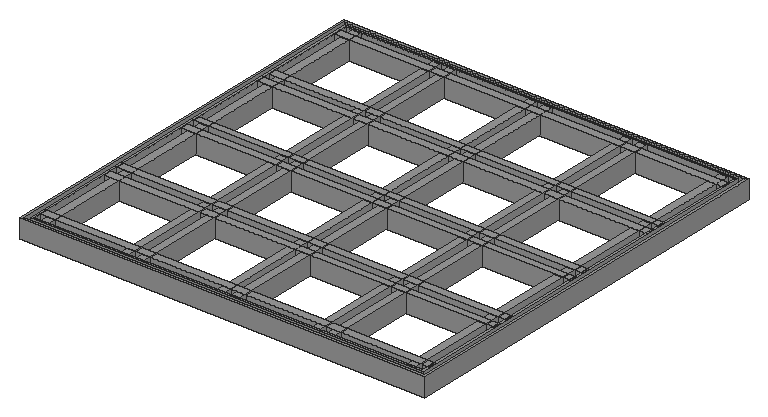
Revit family "CLD-WFD-004_RFA", category Modelos genéricos, Revit 2022 (continued)
Forms (in)
  Extrusion 242, solid
    sketch origin (0, -21.5, 0) x (1, 0, 0) y (0, 1, 0)
      loop
        line (2, 103.99993) -> (2, 101.99993) -> (106, 101.99993) -> (106, 103.99993) -> (2, 103.99993)
    from 0 to 5
  Extrusion 243, solid
    sketch origin (0, -25.5, 0) x (1, 0, 0) y (0, 1, 0)
      loop
        line (2, 103.99993) -> (2, 101.99993) -> (106, 101.99993) -> (106, 103.99993) -> (2, 103.99993)
    from 0 to 5
  Extrusion 244, solid
    sketch origin (0, -47, 0) x (1, 0, 0) y (0, 1, 0)
      loop
        line (2, 103.99993) -> (2, 101.99993) -> (106, 101.99993) -> (106, 103.99993) -> (2, 103.99993)
    from 0 to 5
  Extrusion 245, solid
    sketch origin (0, -51, 0) x (1, 0, 0) y (0, 1, 0)
      loop
        line (2, 103.99993) -> (2, 101.99993) -> (106, 101.99993) -> (106, 103.99993) -> (2, 103.99993)
    from 0 to 5
  Extrusion 246, solid
    sketch origin (0, -72.5, 0) x (1, 0, 0) y (0, 1, 0)
      loop
        line (2, 103.99993) -> (2, 101.99993) -> (106, 101.99993) -> (106, 103.99993) -> (2, 103.99993)
    from 0 to 5
  Extrusion 247, solid
    sketch origin (0, -76.5, 0) x (1, 0, 0) y (0, 1, 0)
      loop
        line (2, 103.99993) -> (2, 101.99993) -> (106, 101.99993) -> (106, 103.99993) -> (2, 103.99993)
    from 0 to 5
  Extrusion 248, solid
    sketch origin (0, -98, 0) x (1, 0, 0) y (0, 1, 0)
      loop
        line (2, 103.99993) -> (2, 101.99993) -> (106, 101.99993) -> (106, 103.99993) -> (2, 103.99993)
    from 0 to 5
  Extrusion 249, solid
    sketch origin (129.49993, 0, 0) x (0, 1, 0) y (-1, 0, 0)
      loop
        line (2, 103.99993) -> (2, 101.99993) -> (106, 101.99993) -> (106, 103.99993) -> (2, 103.99993)
    from 0 to 5
  Extrusion 250, solid
    sketch origin (133.49993, 0, 0) x (0, 1, 0) y (-1, 0, 0)
      loop
        line (2, 103.99993) -> (2, 101.99993) -> (106, 101.99993) -> (106, 103.99993) -> (2, 103.99993)
    from 0 to 5
  Extrusion 251, solid
    sketch origin (154.99993, 0, 0) x (0, 1, 0) y (-1, 0, 0)
      loop
        line (2, 103.99993) -> (2, 101.99993) -> (106, 101.99993) -> (106, 103.99993) -> (2, 103.99993)
    from 0 to 5
  Extrusion 252, solid
    sketch origin (158.99993, 0, 0) x (0, 1, 0) y (-1, 0, 0)
      loop
        line (2, 103.99993) -> (2, 101.99993) -> (106, 101.99993) -> (106, 103.99993) -> (2, 103.99993)
    from 0 to 5
  Extrusion 253, solid
    sketch origin (180.49993, 0, 0) x (0, 1, 0) y (-1, 0, 0)
      loop
        line (2, 103.99993) -> (2, 101.99993) -> (106, 101.99993) -> (106, 103.99993) -> (2, 103.99993)
    from 0 to 5
  Extrusion 254, solid
    sketch origin (184.49993, 0, 0) x (0, 1, 0) y (-1, 0, 0)
      loop
        line (2, 103.99993) -> (2, 101.99993) -> (106, 101.99993) -> (106, 103.99993) -> (2, 103.99993)
    from 0 to 5
  Extrusion 255, solid
    sketch origin (205.99993, 0, 0) x (0, 1, 0) y (-1, 0, 0)
      loop
        line (2, 103.99993) -> (2, 101.99993) -> (106, 101.99993) -> (106, 103.99993) -> (2, 103.99993)
    from 0 to 5
  Extrusion 256, solid
    sketch origin (107.99993, 0, 0) x (0, 1, 0) y (-1, 0, 0)
      loop
        line (2, 103.99993) -> (2, 101.99993) -> (106, 101.99993) -> (106, 103.99993) -> (2, 103.99993)
    from 0 to 5
Cuts and joins
  Extrusion 240 cuts Extrusion 239
Dimensions and locks (in)
  aligned and locked: level to plane 2
